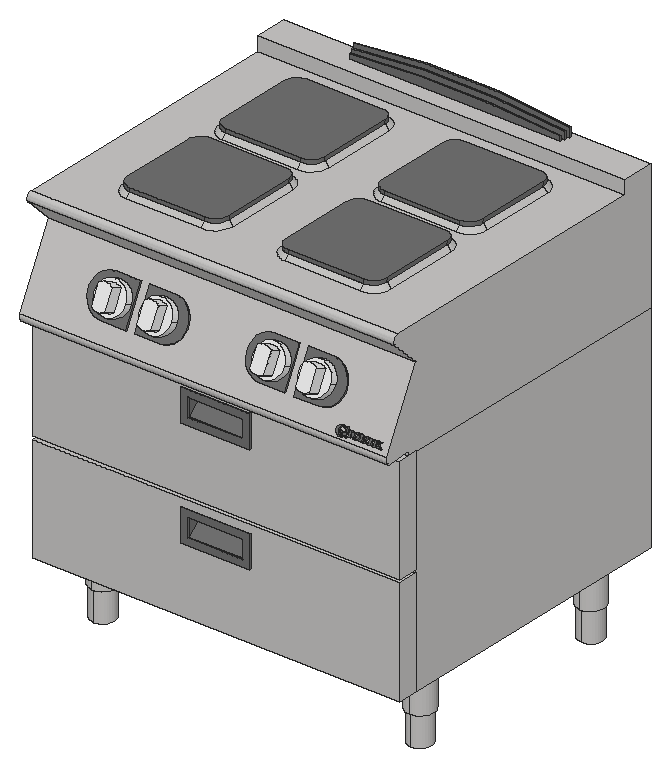
Revit family "QF_GIORIK_CE74QGMC", category Specialty Equipment, Revit 2014
Parameters (values of type "CE74QGMC")
  Weight in Pounds = 220.462
  Watts = 11300 W
  Volts = 400 V
  URL Cutsheet = "www.giorik.com"
  URL = "www.giorik.com"
  Status [instance] = ""
  Specification by User [instance] = ""
  Specification by Manufacturer = ""
  Show Logo [instance] = yes
  Show Clearance [instance] = yes
  Serial Number = ""
  Seismic Rating = ""
  SMACNA No = ""
  Revision Code [instance] = ""
  Phase = 3
  Number of Poles [instance] = 3
  NAFEM Spec ID Number = ""
  Model = "CE74QGMC"
  Min Ckt Ampacity = 0 A
  Max Overcurrent Protection = 0 A
  Masterspec = ""
  Manufacturer = "GIORIK"
  Item Number [instance] = ""
  Installed By [instance] = ""
  Identify Quantity as Lot [instance] = no
  HP = "15.153526000000"
  Furnished By [instance] = ""
  Foodservice Equipment Identifier [instance] = yes
  FL Amps = 0 A
  Electrical Remarks [instance] = ""
  Electric Connection Type [instance] = ""
  Elec Conn RI Height [instance] = 0 mm
  Elec Conn Connection Height [instance] = 150 mm
  Description = "4 ELECTRIC SQUARE PLATE HOB ON OPEN BASE UNIT"
  Cycle = 50 Hz
  Conn Plug = ""
  CSI MasterFormat = ""
  Assembly Code = "E1090320"
  Apparent Power = 11300 VA
Reference planes
  plane 1 "Back": y = 0
  plane 2: z = 0
  plane 3 "Left": x = 0
  plane 4 "Right": x = 800
  plane 5 "Front": y = -720
  plane 6 "Top": z = 900
Forms (mm)
  Extrusion 1, solid, visible <- "Show Logo"
    sketch origin (591.604, -736.761, 609.486) x (-1, 0, 0) y (0, 0.452718, 0.891654)
      loop
        line (-118.824, 58.358) -> (-127.804, 58.358) -> (-125.523, 56.445) -> (-125.523, 48.027) -> (-127.804, 46.113) -> (-118.824, 46.113) -> (-121.105, 48.027) -> (-121.105, 56.445) -> (-118.824, 58.358)
      loop
        line (-163.721, 58.358) -> (-172.7, 58.358) -> (-170.42, 56.445) -> (-170.42, 48.027) -> (-172.7, 46.113) -> (-163.721, 46.113) -> (-166.001, 48.027) -> (-166.001, 56.445) -> (-163.721, 58.358)
      loop
        line (-174.332, 58.358) -> (-183.312, 58.358) -> (-181.031, 56.445) -> (-181.031, 52.435) -> (-186.419, 56.955) -> (-184.416, 58.358) -> (-191.268, 58.358) -> (-188.01, 56.839) -> (-185.455, 54.283) -> (-190.846, 47.858) -> (-193.396, 46.93) -> (-193.396, 46.113) -> (-184.416, 46.113) -> (-185.437, 47.571) -> (-182.443, 51.552) -> (-181.031, 50.894) -> (-181.031, 48.027) -> (-183.312, 46.113) -> (-174.332, 46.113) -> (-176.613, 48.027) -> (-176.613, 56.445) -> (-174.332, 58.358)
      loop
        line (-115.429, 62.063) -> (-115.429, 54.198)
        arc (-115.429, 54.198) -> (-111.618, 57.803) -> (-106.847, 59.986) r 16.039
        arc (-106.847, 59.986) -> (-103.314, 59.837) -> (-100.512, 57.68) r 5.851
        arc (-100.512, 57.68) -> (-98.815, 52.267) -> (-100.512, 46.853) r 9.479
        arc (-100.512, 46.853) -> (-102.406, 44.986) -> (-104.846, 43.93) r 7.236
        arc (-104.846, 43.93) -> (-107.728, 44.111) -> (-110.052, 45.825) r 5.11
        line (-110.052, 45.825) -> (-110.052, 52.001) -> (-116.141, 52.001) -> (-116.141, 45.503) -> (-117.893, 43.751) -> (-114.094, 44.769)
        arc (-114.094, 44.769) -> (-112.56, 44.947) -> (-111.129, 44.366) r 3.115
        arc (-111.129, 44.366) -> (-104.216, 42.091) -> (-97.303, 44.366) r 11.641
        arc (-97.303, 44.366) -> (-93.396, 52.107) -> (-97.303, 59.849) r 9.622
        arc (-97.303, 59.849) -> (-104.369, 62.174) -> (-111.435, 59.849) r 11.898
        line (-111.435, 59.849) -> (-115.429, 62.063)
      loop
        arc (-129.234, 56.068) -> (-135.893, 58.628) -> (-142.552, 56.068) r 9.941
        arc (-142.552, 56.068) -> (-144.234, 52.286) -> (-142.552, 48.505) r 5.093
        arc (-142.552, 48.505) -> (-135.893, 45.945) -> (-129.234, 48.505) r 9.941
        arc (-129.234, 48.505) -> (-127.552, 52.286) -> (-129.234, 56.068) r 5.093
      loop
        arc (-132.628, 54.403) -> (-135.893, 57.668) -> (-139.158, 54.403) r 3.265
        line (-139.158, 54.403) -> (-139.158, 50.169)
        arc (-139.158, 50.169) -> (-135.893, 46.904) -> (-132.628, 50.169) r 3.265
        line (-132.628, 50.169) -> (-132.628, 54.403)
      loop
        arc (-156.363, 58.365) -> (-159.647, 55.081) -> (-156.363, 51.796) r 3.285
        line (-156.363, 51.796) -> (-159.529, 47.306) -> (-162.087, 46.113) -> (-155.847, 46.113) -> (-153.529, 51.083) -> (-150.637, 51.083) -> (-150.637, 47.784) -> (-153.022, 46.113) -> (-144.011, 46.113) -> (-146.094, 47.68) -> (-146.094, 56.493) -> (-144.229, 58.365) -> (-156.363, 58.365)
      loop
        line (-150.637, 57.512) -> (-153.637, 57.512)
        arc (-153.637, 57.512) -> (-156.237, 54.912) -> (-153.637, 52.312) r 2.6
        line (-153.637, 52.312) -> (-150.637, 52.312) -> (-150.637, 57.512)
      loop
        line (-108.924, 52.001) -> (-104.936, 49.005) -> (-100.948, 52.001) -> (-108.924, 52.001)
    from 1.5 to -0.5
  Extrusion 2, solid
    sketch origin (-16, 1025.81, 0) x (1, 0, 0) y (0, 1, 0)
      loop
        line (25, -1086.81) -> (25, -1156.81) -> (115, -1156.81) -> (115, -1086.81) -> (25, -1086.81)
    from 148 to 150
  Extrusion 3, solid
    sketch origin (-4, 0, 130) x (1, 0, 0) y (0, 1, 0)
      loop
        circle (54, -385) r 12.5
    from 0 to 20
  Extrusion 4, solid
    sketch origin (0, 1000, -20) x (0, 1, 0) y (0, 0, 1)
      loop
        line (-1000, 919.988) -> (-1070, 919.988) -> (-1070, 889.988) -> (-1688.806, 889.988)
        arc (-1688.806, 889.988) -> (-1699.151, 883.075) -> (-1696.724, 870.873) r 11.197
        line (-1696.724, 870.873) -> (-1640.876, 815.025) -> (-1718.948, 661.258)
        arc (-1718.948, 661.258) -> (-1718.233, 650.105) -> (-1708.118, 645.354) r 10.981
        line (-1708.118, 645.354) -> (-1660, 649.925) -> (-1660, 640) -> (-1000, 640) -> (-1000, 919.988)
    from 0 to 800
  Extrusion 5, solid
    sketch origin (0, 0, 599.536) x (1, 0, 0) y (0, 1, 0)
      loop
        line (0, -640) -> (40, -640) -> (40, -40) -> (760, -40) -> (760, -640) -> (800, -640) -> (800, 0) -> (0, 0) -> (0, -640)
    from -449.536 to 20.464
  Extrusion 6, solid
    sketch origin (0, 0, 0) x (1, 0, 0) y (0, 1, 0)
      loop
        line (40, -40) -> (40, -640) -> (760, -640) -> (760, -40) -> (40, -40)
    from 150 to 190
  Extrusion 7, solid
    sketch origin (-16, 560.81, 0) x (1, 0, 0) y (0, 1, 0)
      loop
        line (25, -1086.81) -> (25, -1156.81) -> (115, -1156.81) -> (115, -1086.81) -> (25, -1086.81)
    from 148 to 150
  Revolve 8, solid
    sketch origin (54, 560.81, 0) x (0, 1, 0) y (0, 0, 1)
      loop
        line (-1092.56, 66) -> (-1092.56, 148) -> (-1121.81, 148) -> (-1121.81, 0) -> (-1096.81, 0) -> (-1096.81, 66) -> (-1092.56, 66)
      axis (-1121.81, 0) -> (-1121.81, 148)
    angle from 0 to 360
  Revolve 9, solid
    sketch origin (54, 1025.81, 0) x (0, 1, 0) y (0, 0, 1)
      loop
        line (-1092.56, 66) -> (-1092.56, 148) -> (-1121.81, 148) -> (-1121.81, 0) -> (-1096.81, 0) -> (-1096.81, 66) -> (-1092.56, 66)
      axis (-1121.81, 0) -> (-1121.81, 148)
    angle from 0 to 360
  Extrusion 10, solid
    sketch origin (816, 560.81, 0) x (-1, 0, 0) y (0, -1, 0)
      loop
        line (25, 1086.81) -> (115, 1086.81) -> (115, 1156.81) -> (25, 1156.81) -> (25, 1086.81)
    from 148 to 150
  Revolve 11, solid
    sketch origin (746, 560.81, 0) x (0, 1, 0) y (0, 0, -1)
      loop
        line (-1092.56, -66) -> (-1096.81, -66) -> (-1096.81, 0) -> (-1121.81, 0) -> (-1121.81, -148) -> (-1092.56, -148) -> (-1092.56, -66)
      axis (-1121.81, 0) -> (-1121.81, -148)
    angle from 0 to 360
  Extrusion 12, solid
    sketch origin (816, -1217.81, 0) x (-1, 0, 0) y (0, -1, 0)
      loop
        line (25, -1086.81) -> (25, -1156.81) -> (115, -1156.81) -> (115, -1086.81) -> (25, -1086.81)
    from 148 to 150
  Revolve 13, solid
    sketch origin (746, -1217.81, 0) x (0, -1, 0) y (0, 0, 1)
      loop
        line (-1092.56, 66) -> (-1092.56, 148) -> (-1121.81, 148) -> (-1121.81, 0) -> (-1096.81, 0) -> (-1096.81, 66) -> (-1092.56, 66)
      axis (-1121.81, 0) -> (-1121.81, 148)
    angle from 0 to 360
  Extrusion 14, solid
    sketch origin (-246.222, -963.345, 52.363) x (1, 0, 0) y (0, 0.452718, 0.891654)
      loop
        line (463.221, 676.25) -> (463.221, 766.25) -> (409.698, 766.25)
        arc (409.698, 766.25) -> (364.698, 721.25) -> (409.698, 676.25) r 45
        line (409.698, 676.25) -> (463.221, 676.25)
    from 48 to 50
  Extrusion 15, solid
    sketch origin (528.33, -1008.697, 74.959) x (-1, 0, 0) y (0, -0.45351, -0.891251)
      loop
        circle (351.331, -721.346) r 35
    from 0 to 15
  Extrusion 16, solid
    sketch origin (528.33, -1008.697, 74.959) x (-1, 0, 0) y (0, -0.45351, -0.891251)
      loop
        arc (336.331, -743.846) -> (351.331, -748.846) -> (366.331, -743.846) r 25
        line (366.331, -743.846) -> (366.331, -698.846)
        arc (366.331, -698.846) -> (351.331, -693.846) -> (336.331, -698.846) r 25
        line (336.331, -698.846) -> (336.331, -743.846)
    from 15 to 40
  Extrusion 17, solid
    sketch origin (700.254, -963.345, 52.363) x (-1, 0, 0) y (0, -0.452718, -0.891654)
      loop
        line (463.221, -676.25) -> (409.698, -676.25)
        arc (409.698, -676.25) -> (364.698, -721.25) -> (409.698, -766.25) r 45
        line (409.698, -766.25) -> (463.221, -766.25) -> (463.221, -676.25)
    from 48 to 50
  Extrusion 18, solid
    sketch origin (-74.298, -1008.697, 74.959) x (1, 0, 0) y (0, 0.45351, 0.891251)
      loop
        circle (351.331, 721.346) r 35
    from 0 to 15
  Extrusion 19, solid
    sketch origin (-74.298, -1008.697, 74.959) x (1, 0, 0) y (0, 0.45351, 0.891251)
      loop
        line (336.331, 743.846) -> (336.331, 698.846)
        arc (336.331, 698.846) -> (351.331, 693.846) -> (366.331, 698.846) r 25
        line (366.331, 698.846) -> (366.331, 743.846)
        arc (366.331, 743.846) -> (351.331, 748.846) -> (336.331, 743.846) r 25
    from 15 to 40
  Extrusion 20, solid
    sketch origin (36.031, 0, -10.001) x (1, 0, 0) y (0, 0, 1)
      loop
        line (135, 909.989) -> (592.969, 909.989) -> (592.969, 919.989) -> (440.969, 929.989) -> (287, 929.989) -> (135, 919.989) -> (135, 909.989)
    from 32 to 35
  Extrusion 21, solid
    sketch origin (38, 10, -10.001) x (1, 0, 0) y (0, 0, 1)
      loop
        line (594, 909.989) -> (594, 924.989) -> (440, 937.489) -> (284, 937.489) -> (130, 925.001) -> (130, 909.989) -> (594, 909.989)
    from 32 to 35
  Extrusion 22, solid
    sketch origin (40, 20, -10.001) x (1, 0, 0) y (0, 0, 1)
      loop
        line (595, 909.989) -> (595, 930.001) -> (439, 945.258) -> (281, 945.258) -> (125, 929.989) -> (125, 909.989) -> (595, 909.989)
    from 32 to 35
  Extrusion 23, solid, visible <- "Show Clearance", detail levels coarse
    sketch origin (0, 0, 0) x (0, 1, 0) y (0, 0, 1)
      loop
        line (-685, 388) -> (-685, 620) -> (-1220, 620) -> (-1220, 388) -> (-685, 388)
    from 0 to 800
  Extrusion 24, solid
    sketch origin (383.002, 2.5, 864.988) x (0, 1, 0) y (-1, 0, 0)
      loop
        arc (-121.5, -108) -> (-129.701, -88.201) -> (-149.5, -80) r 28
        line (-149.5, -80) -> (-313.5, -80)
        arc (-313.5, -80) -> (-333.299, -88.201) -> (-341.5, -108) r 28
        line (-341.5, -108) -> (-341.5, -271.998)
        arc (-341.5, -271.998) -> (-333.299, -291.797) -> (-313.5, -299.998) r 28
        line (-313.5, -299.998) -> (-149.5, -299.998)
        arc (-149.5, -299.998) -> (-129.701, -291.797) -> (-121.5, -271.998) r 28
        line (-121.5, -271.998) -> (-121.5, -108)
    from 23 to 15
  Blend 25, solid
    base sketch origin (1127.362, -820.004, 869.988) x (0, 1, 0) y (-1, 0, 0)
      loop
        arc (710.004, 636.36) -> (699.167, 662.523) -> (673.004, 673.36) r 37
        line (673.004, 673.36) -> (509.004, 673.36)
        arc (509.004, 673.36) -> (482.841, 662.523) -> (472.004, 636.36) r 37
        line (472.004, 636.36) -> (472.004, 472.362)
        arc (472.004, 472.362) -> (482.841, 446.199) -> (509.004, 435.362) r 37
        line (509.004, 435.362) -> (673.004, 435.362)
        arc (673.004, 435.362) -> (699.167, 446.199) -> (710.004, 472.362) r 37
        line (710.004, 472.362) -> (710.004, 636.36)
    top sketch origin (1127.362, -820.004, 900) x (0, 1, 0) y (-1, 0, 0)
      loop
        arc (701.004, 636.36) -> (692.803, 656.159) -> (673.004, 664.36) r 28
        line (673.004, 664.36) -> (509.004, 664.36)
        arc (509.004, 664.36) -> (489.205, 656.159) -> (481.004, 636.36) r 28
        line (481.004, 636.36) -> (481.004, 472.362)
        arc (481.004, 472.362) -> (489.205, 452.563) -> (509.004, 444.362) r 28
        line (509.004, 444.362) -> (673.004, 444.362)
        arc (673.004, 444.362) -> (692.803, 452.563) -> (701.004, 472.362) r 28
        line (701.004, 472.362) -> (701.004, 636.36)
    from 0 to -20.012
  Extrusion 26, solid
    sketch origin (383.002, -722.5, 864.988) x (0, -1, 0) y (1, 0, 0)
      loop
        line (-121.5, 108) -> (-121.5, 271.998)
        arc (-121.5, 271.998) -> (-129.701, 291.797) -> (-149.5, 299.998) r 28
        line (-149.5, 299.998) -> (-313.5, 299.998)
        arc (-313.5, 299.998) -> (-333.299, 291.797) -> (-341.5, 271.998) r 28
        line (-341.5, 271.998) -> (-341.5, 108)
        arc (-341.5, 108) -> (-333.299, 88.201) -> (-313.5, 80) r 28
        line (-313.5, 80) -> (-149.5, 80)
        arc (-149.5, 80) -> (-129.701, 88.201) -> (-121.5, 108) r 28
    from 23 to 15
  Blend 27, solid
    base sketch origin (1127.362, 100.004, 869.988) x (0, -1, 0) y (1, 0, 0)
      loop
        line (710.004, -636.36) -> (710.004, -472.362)
        arc (710.004, -472.362) -> (699.167, -446.199) -> (673.004, -435.362) r 37
        line (673.004, -435.362) -> (509.004, -435.362)
        arc (509.004, -435.362) -> (482.841, -446.199) -> (472.004, -472.362) r 37
        line (472.004, -472.362) -> (472.004, -636.36)
        arc (472.004, -636.36) -> (482.841, -662.523) -> (509.004, -673.36) r 37
        line (509.004, -673.36) -> (673.004, -673.36)
        arc (673.004, -673.36) -> (699.167, -662.523) -> (710.004, -636.36) r 37
    top sketch origin (1127.362, 100.004, 900) x (0, -1, 0) y (1, 0, 0)
      loop
        line (701.004, -636.36) -> (701.004, -472.362)
        arc (701.004, -472.362) -> (692.803, -452.563) -> (673.004, -444.362) r 28
        line (673.004, -444.362) -> (509.004, -444.362)
        arc (509.004, -444.362) -> (489.205, -452.563) -> (481.004, -472.362) r 28
        line (481.004, -472.362) -> (481.004, -636.36)
        arc (481.004, -636.36) -> (489.205, -656.159) -> (509.004, -664.36) r 28
        line (509.004, -664.36) -> (673.004, -664.36)
        arc (673.004, -664.36) -> (692.803, -656.159) -> (701.004, -636.36) r 28
    from 0 to -20.012
  Extrusion 28, solid
    sketch origin (416.998, 2.5, 864.988) x (0, 1, 0) y (-1, 0, 0)
      loop
        line (-121.5, 108) -> (-121.5, 271.998)
        arc (-121.5, 271.998) -> (-129.701, 291.797) -> (-149.5, 299.998) r 28
        line (-149.5, 299.998) -> (-313.5, 299.998)
        arc (-313.5, 299.998) -> (-333.299, 291.797) -> (-341.5, 271.998) r 28
        line (-341.5, 271.998) -> (-341.5, 108)
        arc (-341.5, 108) -> (-333.299, 88.201) -> (-313.5, 80) r 28
        line (-313.5, 80) -> (-149.5, 80)
        arc (-149.5, 80) -> (-129.701, 88.201) -> (-121.5, 108) r 28
    from 23 to 15
  Blend 29, solid
    base sketch origin (-327.362, -820.004, 869.988) x (0, 1, 0) y (-1, 0, 0)
      loop
        line (710.004, -636.36) -> (710.004, -472.362)
        arc (710.004, -472.362) -> (699.167, -446.199) -> (673.004, -435.362) r 37
        line (673.004, -435.362) -> (509.004, -435.362)
        arc (509.004, -435.362) -> (482.841, -446.199) -> (472.004, -472.362) r 37
        line (472.004, -472.362) -> (472.004, -636.36)
        arc (472.004, -636.36) -> (482.841, -662.523) -> (509.004, -673.36) r 37
        line (509.004, -673.36) -> (673.004, -673.36)
        arc (673.004, -673.36) -> (699.167, -662.523) -> (710.004, -636.36) r 37
    top sketch origin (-327.362, -820.004, 900) x (0, 1, 0) y (-1, 0, 0)
      loop
        line (701.004, -636.36) -> (701.004, -472.362)
        arc (701.004, -472.362) -> (692.803, -452.563) -> (673.004, -444.362) r 28
        line (673.004, -444.362) -> (509.004, -444.362)
        arc (509.004, -444.362) -> (489.205, -452.563) -> (481.004, -472.362) r 28
        line (481.004, -472.362) -> (481.004, -636.36)
        arc (481.004, -636.36) -> (489.205, -656.159) -> (509.004, -664.36) r 28
        line (509.004, -664.36) -> (673.004, -664.36)
        arc (673.004, -664.36) -> (692.803, -656.159) -> (701.004, -636.36) r 28
    from 0 to -20.012
  Extrusion 30, solid
    sketch origin (416.998, -722.5, 864.988) x (0, -1, 0) y (1, 0, 0)
      loop
        arc (-121.5, -108) -> (-129.701, -88.201) -> (-149.5, -80) r 28
        line (-149.5, -80) -> (-313.5, -80)
        arc (-313.5, -80) -> (-333.299, -88.201) -> (-341.5, -108) r 28
        line (-341.5, -108) -> (-341.5, -271.998)
        arc (-341.5, -271.998) -> (-333.299, -291.797) -> (-313.5, -299.998) r 28
        line (-313.5, -299.998) -> (-149.5, -299.998)
        arc (-149.5, -299.998) -> (-129.701, -291.797) -> (-121.5, -271.998) r 28
        line (-121.5, -271.998) -> (-121.5, -108)
    from 23 to 15
  Blend 31, solid
    base sketch origin (-327.362, 100.004, 869.988) x (0, -1, 0) y (1, 0, 0)
      loop
        arc (710.004, 636.36) -> (699.167, 662.523) -> (673.004, 673.36) r 37
        line (673.004, 673.36) -> (509.004, 673.36)
        arc (509.004, 673.36) -> (482.841, 662.523) -> (472.004, 636.36) r 37
        line (472.004, 636.36) -> (472.004, 472.362)
        arc (472.004, 472.362) -> (482.841, 446.199) -> (509.004, 435.362) r 37
        line (509.004, 435.362) -> (673.004, 435.362)
        arc (673.004, 435.362) -> (699.167, 446.199) -> (710.004, 472.362) r 37
        line (710.004, 472.362) -> (710.004, 636.36)
    top sketch origin (-327.362, 100.004, 900) x (0, -1, 0) y (1, 0, 0)
      loop
        arc (701.004, 636.36) -> (692.803, 656.159) -> (673.004, 664.36) r 28
        line (673.004, 664.36) -> (509.004, 664.36)
        arc (509.004, 664.36) -> (489.205, 656.159) -> (481.004, 636.36) r 28
        line (481.004, 636.36) -> (481.004, 472.362)
        arc (481.004, 472.362) -> (489.205, 452.563) -> (509.004, 444.362) r 28
        line (509.004, 444.362) -> (673.004, 444.362)
        arc (673.004, 444.362) -> (692.803, 452.563) -> (701.004, 472.362) r 28
        line (701.004, 472.362) -> (701.004, 636.36)
    from 0 to -20.012
  Extrusion 32, solid
    sketch origin (400, 0, 0) x (0, 1, 0) y (0, 0, 1)
      loop
        line (-642, 585) -> (-685, 545) -> (-681.85, 545) -> (-642, 582.07) -> (-642, 585)
    from -60 to 60
  Extrusion 33, solid
    sketch origin (0, -640, 0) x (1, 0, 0) y (0, 0, 1)
      loop
        line (0, 620) -> (0, 388) -> (800, 388) -> (800, 620) -> (0, 620)
      loop
        line (338, 587) -> (338, 543) -> (462, 543) -> (462, 587) -> (338, 587)
    from 0 to 45
  Extrusion 34, solid
    sketch origin (0, -685, 0) x (1, 0, 0) y (0, 0, 1)
      loop
        line (340, 585) -> (340, 545) -> (460, 545) -> (460, 585) -> (340, 585)
      loop
        line (325, 600) -> (325, 530) -> (475, 530) -> (475, 600) -> (325, 600)
    from 0 to 2
  Extrusion 35, solid
    sketch origin (0, 0, 0) x (1, 0, 0) y (0, 0, 1)
      loop
        line (338, 587) -> (338, 543) -> (462, 543) -> (462, 587) -> (338, 587)
      loop
        line (340, 585) -> (340, 545) -> (460, 545) -> (460, 585) -> (340, 585)
    from 642 to 685
  Extrusion 36, solid
    sketch origin (99.78, -963.345, 52.363) x (1, 0, 0) y (0, 0.452718, 0.891654)
      loop
        line (463.221, 676.25) -> (463.221, 766.25) -> (409.698, 766.25)
        arc (409.698, 766.25) -> (364.698, 721.25) -> (409.698, 676.25) r 45
        line (409.698, 676.25) -> (463.221, 676.25)
    from 48 to 50
  Extrusion 37, solid
    sketch origin (874.332, -1008.697, 74.959) x (-1, 0, 0) y (0, -0.45351, -0.891251)
      loop
        circle (351.331, -721.346) r 35
    from 0 to 15
  Extrusion 38, solid
    sketch origin (874.332, -1008.697, 74.959) x (-1, 0, 0) y (0, -0.45351, -0.891251)
      loop
        arc (336.331, -743.846) -> (351.331, -748.846) -> (366.331, -743.846) r 25
        line (366.331, -743.846) -> (366.331, -698.846)
        arc (366.331, -698.846) -> (351.331, -693.846) -> (336.331, -698.846) r 25
        line (336.331, -698.846) -> (336.331, -743.846)
    from 15 to 40
  Extrusion 39, solid
    sketch origin (1046.256, -963.345, 52.363) x (-1, 0, 0) y (0, -0.452718, -0.891654)
      loop
        line (463.221, -676.25) -> (409.698, -676.25)
        arc (409.698, -676.25) -> (364.698, -721.25) -> (409.698, -766.25) r 45
        line (409.698, -766.25) -> (463.221, -766.25) -> (463.221, -676.25)
    from 48 to 50
  Extrusion 40, solid
    sketch origin (271.704, -1008.697, 74.959) x (1, 0, 0) y (0, 0.45351, 0.891251)
      loop
        circle (351.331, 721.346) r 35
    from 0 to 15
  Extrusion 41, solid
    sketch origin (271.704, -1008.697, 74.959) x (1, 0, 0) y (0, 0.45351, 0.891251)
      loop
        line (336.331, 743.846) -> (336.331, 698.846)
        arc (336.331, 698.846) -> (351.331, 693.846) -> (366.331, 698.846) r 25
        line (366.331, 698.846) -> (366.331, 743.846)
        arc (366.331, 743.846) -> (351.331, 748.846) -> (336.331, 743.846) r 25
    from 15 to 40
  Extrusion 42, solid, visible <- "Show Clearance", detail levels coarse
    sketch origin (0, 0, -238) x (0, 1, 0) y (0, 0, 1)
      loop
        line (-685, 388) -> (-685, 620) -> (-1220, 620) -> (-1220, 388) -> (-685, 388)
    from 0 to 800
  Extrusion 43, solid
    sketch origin (400, 0, -235) x (0, 1, 0) y (0, 0, 1)
      loop
        line (-642, 585) -> (-685, 545) -> (-681.85, 545) -> (-642, 582.07) -> (-642, 585)
    from -60 to 60
  Extrusion 44, solid
    sketch origin (0, -685, -235) x (1, 0, 0) y (0, 0, 1)
      loop
        line (340, 585) -> (340, 545) -> (460, 545) -> (460, 585) -> (340, 585)
      loop
        line (325, 600) -> (325, 530) -> (475, 530) -> (475, 600) -> (325, 600)
    from 0 to 2
  Extrusion 45, solid
    sketch origin (0, 0, -235) x (1, 0, 0) y (0, 0, 1)
      loop
        line (338, 587) -> (338, 543) -> (462, 543) -> (462, 587) -> (338, 587)
      loop
        line (340, 585) -> (340, 545) -> (460, 545) -> (460, 585) -> (340, 585)
    from 642 to 685
  Extrusion 46, solid
    sketch origin (0, -640, -238) x (1, 0, 0) y (0, 0, 1)
      loop
        line (0, 620) -> (0, 388) -> (800, 388) -> (800, 620) -> (0, 620)
      loop
        line (338, 587) -> (338, 543) -> (462, 543) -> (462, 587) -> (338, 587)
    from 0 to 45
Lines and regions (mm)
  symbolic lines, style "200-EquipBorder-2D"
    curve 1: line (0, -720, 0) -> (800, -720, 0)
    curve 2: line (800, -720, 0) -> (800, 0, 0)
    curve 3: line (800, 0, 0) -> (0, 0, 0)
    curve 4: line (0, 0, 0) -> (0, -720, 0)
  symbolic lines, style "200-EquipInternal-2D"
    curve 5: line (165, -12, 900) -> (635, -12, 900)
    curve 6: line (635, -12, 900) -> (635, -15, 900)
    curve 7: line (635, -15, 900) -> (165, -15, 900)
    curve 8: line (165, -15, 900) -> (165, -12, 900)
    curve 9: line (168, -22, 900) -> (632, -22, 900)
    curve 10: line (632, -22, 900) -> (632, -25, 900)
    curve 11: line (632, -25, 900) -> (168, -25, 900)
    curve 12: line (168, -25, 900) -> (168, -22, 900)
    curve 13: line (171.031, -32, 900) -> (629, -32, 900)
    curve 14: line (629, -32, 900) -> (629, -35, 900)
    curve 15: line (629, -35, 900) -> (171.031, -35, 900)
    curve 16: line (171.031, -35, 900) -> (171.031, -32, 900)
    curve 20: line (655, -119, 0) -> (491.002, -119, 0)
    curve 21: arc (683, -147, 0) -> (674.799, -127.201, 0) -> (655, -119, 0) r 28
    curve 22: line (683, -311, 0) -> (683, -147, 0)
    curve 23: arc (655, -339, 0) -> (674.799, -330.799, 0) -> (683, -311, 0) r 28
    curve 24: line (491.002, -339, 0) -> (655, -339, 0)
    curve 25: arc (463.002, -311, 0) -> (471.203, -330.799, 0) -> (491.002, -339, 0) r 28
    curve 26: line (463.002, -147, 0) -> (463.002, -311, 0)
    curve 27: arc (491.002, -119, 0) -> (471.203, -127.201, 0) -> (463.002, -147, 0) r 28
    curve 28: arc (491.002, -110, 0) -> (464.839, -120.837, 0) -> (454.002, -147, 0) r 37
    curve 29: line (655, -110, 0) -> (491.002, -110, 0)
    curve 30: arc (692, -147, 0) -> (681.163, -120.837, 0) -> (655, -110, 0) r 37
    curve 31: line (692, -311, 0) -> (692, -147, 0)
    curve 32: arc (655, -348, 0) -> (681.163, -337.163, 0) -> (692, -311, 0) r 37
    curve 33: line (491.002, -348, 0) -> (655, -348, 0)
    curve 34: arc (454.002, -311, 0) -> (464.839, -337.163, 0) -> (491.002, -348, 0) r 37
    curve 35: line (454.002, -147, 0) -> (454.002, -311, 0)
    curve 36: line (655, -601, 0) -> (491.002, -601, 0)
    curve 37: arc (683, -573, 0) -> (674.799, -592.799, 0) -> (655, -601, 0) r 28
    curve 38: line (683, -409, 0) -> (683, -573, 0)
    curve 39: arc (655, -381, 0) -> (674.799, -389.201, 0) -> (683, -409, 0) r 28
    curve 40: line (491.002, -381, 0) -> (655, -381, 0)
    curve 41: arc (463.002, -409, 0) -> (471.203, -389.201, 0) -> (491.002, -381, 0) r 28
    curve 42: line (463.002, -573, 0) -> (463.002, -409, 0)
    curve 43: arc (491.002, -601, 0) -> (471.203, -592.799, 0) -> (463.002, -573, 0) r 28
    curve 44: arc (491.002, -610, 0) -> (464.839, -599.163, 0) -> (454.002, -573, 0) r 37
    curve 45: line (655, -610, 0) -> (491.002, -610, 0)
    curve 46: arc (692, -573, 0) -> (681.163, -599.163, 0) -> (655, -610, 0) r 37
    curve 47: line (692, -409, 0) -> (692, -573, 0)
    curve 48: arc (655, -372, 0) -> (681.163, -382.837, 0) -> (692, -409, 0) r 37
    curve 49: line (491.002, -372, 0) -> (655, -372, 0)
    curve 50: arc (454.002, -409, 0) -> (464.839, -382.837, 0) -> (491.002, -372, 0) r 37
    curve 51: line (454.002, -573, 0) -> (454.002, -409, 0)
    curve 52: line (0, -70, 900) -> (800, -70, 900)
    curve 53: line (145, -119, 0) -> (308.998, -119, 0)
    curve 54: arc (117, -147, 0) -> (125.201, -127.201, 0) -> (145, -119, 0) r 28
    curve 55: line (117, -311, 0) -> (117, -147, 0)
    curve 56: arc (145, -339, 0) -> (125.201, -330.799, 0) -> (117, -311, 0) r 28
    curve 57: line (308.998, -339, 0) -> (145, -339, 0)
    curve 58: arc (336.998, -311, 0) -> (328.797, -330.799, 0) -> (308.998, -339, 0) r 28
    curve 59: line (336.998, -147, 0) -> (336.998, -311, 0)
    curve 60: arc (308.998, -119, 0) -> (328.797, -127.201, 0) -> (336.998, -147, 0) r 28
    curve 61: arc (308.998, -110, 0) -> (335.161, -120.837, 0) -> (345.998, -147, 0) r 37
    curve 62: line (145, -110, 0) -> (308.998, -110, 0)
    curve 63: arc (108, -147, 0) -> (118.837, -120.837, 0) -> (145, -110, 0) r 37
    curve 64: line (108, -311, 0) -> (108, -147, 0)
    curve 65: arc (145, -348, 0) -> (118.837, -337.163, 0) -> (108, -311, 0) r 37
    curve 66: line (308.998, -348, 0) -> (145, -348, 0)
    curve 67: arc (345.998, -311, 0) -> (335.161, -337.163, 0) -> (308.998, -348, 0) r 37
    curve 68: line (345.998, -147, 0) -> (345.998, -311, 0)
    curve 69: line (145, -601, 0) -> (308.998, -601, 0)
    curve 70: arc (117, -573, 0) -> (125.201, -592.799, 0) -> (145, -601, 0) r 28
    curve 71: line (117, -409, 0) -> (117, -573, 0)
    curve 72: arc (145, -381, 0) -> (125.201, -389.201, 0) -> (117, -409, 0) r 28
    curve 73: line (308.998, -381, 0) -> (145, -381, 0)
    curve 74: arc (336.998, -409, 0) -> (328.797, -389.201, 0) -> (308.998, -381, 0) r 28
    curve 75: line (336.998, -573, 0) -> (336.998, -409, 0)
    curve 76: arc (308.998, -601, 0) -> (328.797, -592.799, 0) -> (336.998, -573, 0) r 28
    curve 77: arc (308.998, -610, 0) -> (335.161, -599.163, 0) -> (345.998, -573, 0) r 37
    curve 78: line (145, -610, 0) -> (308.998, -610, 0)
    curve 79: arc (108, -573, 0) -> (118.837, -599.163, 0) -> (145, -610, 0) r 37
    curve 80: line (108, -409, 0) -> (108, -573, 0)
    curve 81: arc (145, -372, 0) -> (118.837, -382.837, 0) -> (108, -409, 0) r 37
    curve 82: line (308.998, -372, 0) -> (145, -372, 0)
    curve 83: arc (345.998, -409, 0) -> (335.161, -382.837, 0) -> (308.998, -372, 0) r 37
    curve 84: line (345.998, -573, 0) -> (345.998, -409, 0)
  symbolic lines, style "QF_Door-Drawer Clearances", visible <- "Show Clearance", detail levels coarse
    curve 17: line (30, -970, 0) -> (30, -1180, 0)
    curve 18: line (0, -1220, 900) -> (770, -1220, 900)
    curve 19: line (770, -1180, 900) -> (770, -970, 900)
    curve 85: line (0, -1180, 900) -> (800, -1180, 900)
    curve 86: line (0, -1180, 0) -> (0, -1220, 0)
    curve 87: line (800, -1220, 900) -> (800, -1180, 900)
    curve 88: line (0, -970, 900) -> (800, -970, 900)
    curve 89: line (770, -930, 900) -> (770, -720, 900)
    curve 90: line (0, -930, 900) -> (800, -930, 900)
    curve 91: line (0, -930, 0) -> (0, -970, 0)
    curve 92: line (800, -970, 900) -> (800, -930, 900)
    curve 93: line (30, -720, 0) -> (30, -930, 0)
Dimensions and locks
  plane 3 "Left" to plane 4 "Right" = 800 mm
  plane 5 "Front" to plane 1 "Back" = 720 mm
  plane 4 "Right" to plane 3 "Left" = 800 mm
  plane 1 "Back" to plane 5 "Front" = 720 mm
  plane 6 "Top" to level = 900 mm  (x2)
  aligned and locked: level to plane 2
Connectors
  electrical at (50, -385, 130), driven by "Apparent Power", driven by "Volts", driven by "Number of Poles"
    settings: on Extrusion 3, index 1, voltage 400 V, apparent load 0 VA, apparent load phase1 11300 VA, apparent load phase2 0 VA, apparent load phase3 0 VA, power factor 1, load classification "Other", number of poles 3, system type 31, power factor state 1, is connector primary yes, connector utility no, sub classification motor no, connector description "Electrical connection"
